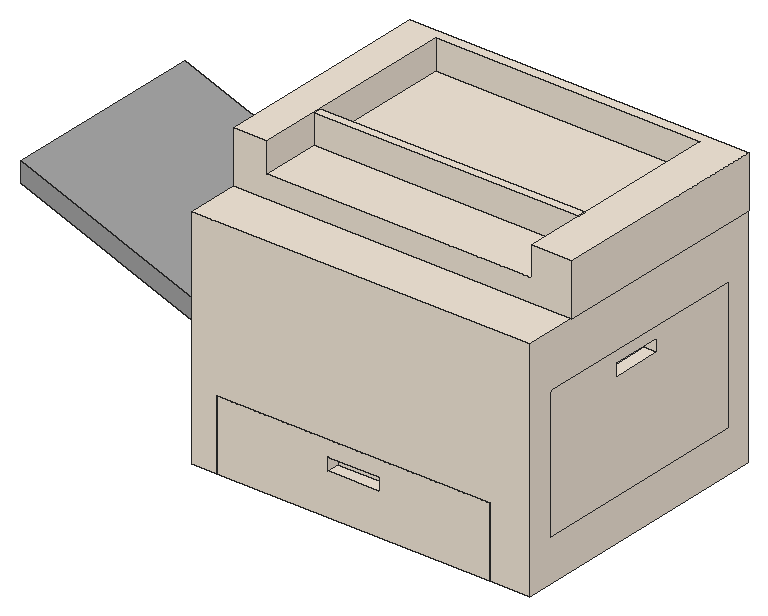
Revit family
Parameters (values of type "Copier - Table")
  Material Tray = Plastic - Gray, Dark
  Material Copier = Plastic - White
  Keynote = "N"
  Assembly Code = "E1010800"
Reference planes
  plane 1 "Center F/B": y = 24.669
  plane 2: z = 0
  plane 3 "Center L/R": x = -2.165
  plane 4: x = -332.365
  plane 5: x = 328.035
  plane 6: y = 291.369
  plane 7: y = -242.031
Forms (mm)
  Extrusion 1, solid, material "Plastic - White" <- "Material Copier"
    sketch origin (0, 0, -472.355) x (1, 0, 0) y (0, 1, 0)
      loop
        line (-332.365, 291.369) -> (-332.365, -242.031) -> (328.035, -242.031) -> (328.035, 291.369) -> (-332.365, 291.369)
    from 472.355 to 914.4
  Extrusion 2, solid, material "Plastic - White" <- "Material Copier"
    sketch origin (0, 0, -472.355) x (1, 0, 0) y (0, 1, 0)
      loop
        line (-332.365, 291.369) -> (-332.365, -139.905) -> (328.035, -139.905) -> (328.035, 291.369) -> (-332.365, 291.369)
    from 914.4 to 1016
  Extrusion 3, void
    sketch origin (0, 0, 0) x (1, 0, 0) y (0, 1, 0)
      loop
        line (-267.296, 271.111) -> (-267.296, -151.694) -> (249.314, -151.694) -> (249.314, 271.111) -> (-267.296, 271.111)
    from 486.34 to 543.645
  Extrusion 4, void
    sketch origin (-332.365, -242.031, -30.311) x (0, 0, -1) y (1, 0, 0)
      loop
        line (-30.311, 48.279) -> (-30.311, 581.679) -> (-167.555, 581.679) -> (-167.555, 48.279) -> (-30.311, 48.279)
    from 0 to -50.8
  Extrusion 5, solid, material "Plastic - White"
    sketch origin (0, 24.669, -472.355) x (1, 0, 0) y (0, 0, 1)
      loop
        line (-284.086, 472.355) -> (249.314, 472.355) -> (249.314, 609.6) -> (-284.086, 609.6) -> (-284.086, 472.355)
    from 266.7 to 215.9
  Extrusion 6, void
    sketch origin (-332.365, -242.031, -30.311) x (0, 0, -1) y (1, 0, 0)
      loop
        line (-136.815, 265.591) -> (-111.415, 265.591) -> (-111.415, 367.191) -> (-136.815, 367.191) -> (-136.815, 265.591)
    from 0 to -25.4
  Extrusion 7, solid, material "Plastic - White" <- "Material Copier"
    sketch origin (0, 0, 0) x (1, 0, 0) y (0, 1, 0)
      loop
        line (-267.296, -26.131) -> (249.314, -26.131) -> (249.314, -10.058) -> (-267.296, -10.058) -> (-267.296, -26.131)
    from 486.34 to 543.645
  Extrusion 8, solid, material "Plastic - Gray, Dark" <- "Material Tray"
    sketch origin (0, 24.669, 0) x (1, 0, 0) y (0, 0, 1)
      loop
        line (-332.365, 200.666) -> (-332.365, 239.235) -> (-708.263, 376.051) -> (-708.263, 337.481) -> (-332.365, 200.666)
    from -185.012 to 215.9
  Extrusion 9, void
    sketch origin (328.035, -242.031, 442.045) x (0, 0, -1) y (0, 1, 0)
      loop
        line (104.563, 50.8) -> (358.563, 50.8) -> (358.563, 482.6) -> (104.563, 482.6) -> (104.563, 50.8)
    from 0 to -78.721
  Extrusion 10, solid, material "Plastic - White"
    sketch origin (328.035, -242.031, 442.045) x (0, 0, -1) y (0, 1, 0)
      loop
        line (104.563, 50.8) -> (358.563, 50.8) -> (358.563, 482.6) -> (104.563, 482.6) -> (104.563, 50.8)
    from 0 to -50.8
  Extrusion 11, void
    sketch origin (328.035, -242.031, 442.045) x (0, 0, -1) y (0, 1, 0)
      loop
        line (125.278, 209.502) -> (150.678, 209.502) -> (150.678, 311.102) -> (125.278, 311.102) -> (125.278, 209.502)
    from 0 to -25.4
Cuts and joins
  Extrusion 3, Extrusion 4, Extrusion 6, Extrusion 9, Extrusion 11 cuts Extrusion 1
  Extrusion 3, Extrusion 4, Extrusion 6, Extrusion 9, Extrusion 11 cuts Extrusion 2
  Extrusion 6, Extrusion 9, Extrusion 11 cuts Extrusion 5
  Extrusion 9, Extrusion 11 cuts Extrusion 7
  Extrusion 9, Extrusion 11 cuts Extrusion 8
  Extrusion 11 cuts Extrusion 10
Lines and regions (mm)
  Masking region 1
    outline origin (0, 0, 0) x (1, 0, 0) y (0, 1, 0)
      loop
        line (328.035, 291.369) -> (-332.365, 291.369) -> (-332.365, 209.68) -> (-708.263, 209.68) -> (-708.263, -191.231) -> (-332.365, -191.231) -> (-332.365, -242.031) -> (328.035, -242.031) -> (328.035, 291.369)
  symbolic lines
    curve 1: line (-332.365, 209.68, 0) -> (-708.263, 209.68, 0)
    curve 2: line (-708.263, 209.68, 0) -> (-708.263, -191.231, 0)
    curve 3: line (-708.263, -191.231, 0) -> (-332.365, -191.231, 0)
    curve 4: line (-332.365, 291.369, 0) -> (-332.365, -242.031, 0)
    curve 5: line (328.035, 291.369, 0) -> (-332.365, 291.369, 0)
    curve 6: line (328.035, -242.031, 0) -> (328.035, 291.369, 0)
    curve 7: line (-332.365, -139.905, 0) -> (328.035, -139.905, 0)
    curve 8: line (-267.296, 271.111, 0) -> (-267.296, -139.905, 0)
    curve 9: line (-267.296, 271.111, 0) -> (249.314, 271.111, 0)
    curve 10: line (249.314, -191.231, 0) -> (249.314, 271.111, 0)
    curve 11: line (249.314, -10.058, 0) -> (-267.296, -10.058, 0)
    curve 12: line (-267.296, -26.131, 0) -> (249.314, -26.131, 0)
    curve 13: line (277.235, 240.569, 0) -> (277.235, -191.231, 0)
    curve 14: line (-332.365, -242.031, 0) -> (328.035, -242.031, 0)
    curve 15: line (34.826, -216.631, 0) -> (-66.774, -216.631, 0)
    curve 16: line (-66.774, -216.631, 0) -> (-66.774, -242.031, 0)
    curve 17: line (34.826, -242.031, 0) -> (34.826, -216.631, 0)
    curve 18: line (249.314, -191.231, 0) -> (-284.086, -191.231, 0)
    curve 19: line (-284.086, -191.231, 0) -> (-284.086, -242.031, 0)
    curve 20: line (249.314, -242.031, 0) -> (249.314, -191.231, 0)
    curve 21: line (249.314, -191.231, 0) -> (328.035, -191.231, 0)
    curve 22: line (328.035, 240.569, 0) -> (249.314, 240.569, 0)
    curve 23: line (302.635, 69.071, 0) -> (302.635, -32.529, 0)
    curve 24: line (328.035, 69.071, 0) -> (302.635, 69.071, 0)
    curve 25: line (302.635, -32.529, 0) -> (328.035, -32.529, 0)
